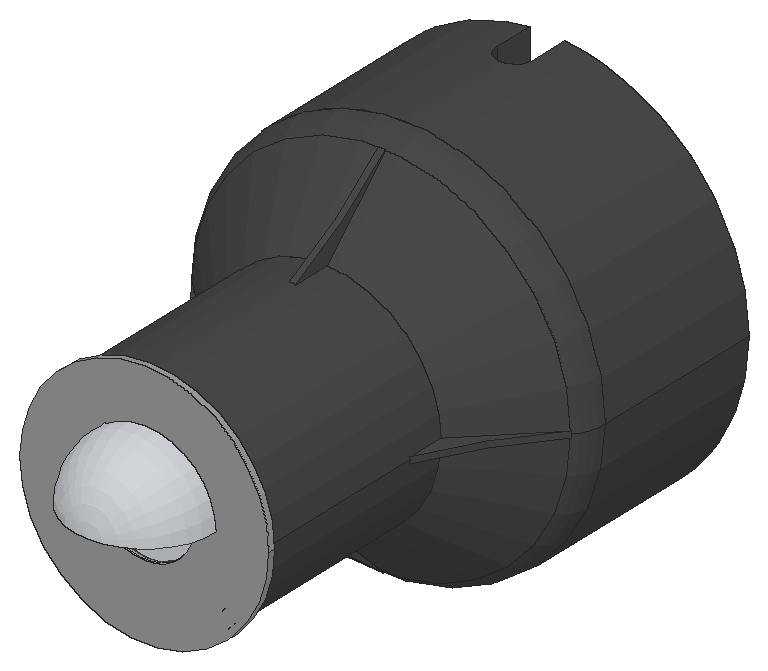
Revit family "CIRCLE STAIR LIGHT_CM1W.1", category Luminarias, Revit 2019
Family settings
  Cota de conector redondo = Diámetro de uso
  Tipo de pieza = Normal
  Se basa en plano de trabajo = Sí
  Siempre vertical = No
  Corte con vacíos al cargar = No
  Origen de luz = Sí
  Compartido = No
  Punto de cálculo de habitación = No
Parameters (values of type "CIRCLE STAIR LIGHT_CM1W.1")
  Ángulo de inclinación = 60.00°
  Zone [instance] = ""
  Watt per fixture = 1.3
  Wattage = 1.3 W
  built-in parameter 1150107 = 3000 (stored number, unit not read)
  built-in parameter 1150110 = 1 (stored number, unit not read)
  built-in parameter 1150109 = 1 (stored number, unit not read)
  built-in parameter 1150112 = 1 (stored number, unit not read)
  built-in parameter 1150113 = 1 (stored number, unit not read)
  built-in parameter 1114218 = 1 (stored number, unit not read)
  Keynote = ""
  built-in parameter 1150137 = (empty or 0)
  built-in parameter 1150132 = (empty or 0)
  Modelo = "CM1W.1"
  Lámpara = "OSRAM"
  Longitud [instance] = 1000 mm
  built-in parameter 1150105 = 1.83 (stored number, unit not read)
  built-in parameter 1150102 = (empty or 0)
  Elevación por defecto = 5.578 mm
  Lumens = 22.997 lm
  Color Filter = 16777215
  built-in parameter 1114217 = 1 (stored number, unit not read)
  built-in parameter 1150139 = (empty or 0)
  Fabricante = "BRILLANT"
  Default Elevation = 0 mm
  built-in parameter 1150104 = 1.6435 (stored number, unit not read)
  Descripción = "LUMINARIA TIPO CIRCULAR PARA EMPOTRAR EN MURO CON CUERPO DE ALUMINIO FUNDIDO A PRESION CUBIERTO CON POLVO GRIS OSCURO, IP 67 USO PARA INTERIORES O EXTERIORES CON CUERPO DE 0.2KG, CUENTA CON 1 LED OSRAM CON UNA POTENCIA TOTAL DE 1.3W, A UNA TEMPERATURA EN BLANCO CALIDO 3000K CON 23 LUMENES, EFICIENCIA DE 17.69LM/W, IRC 80, IK10, APERTURA A 20 GRADOS POR PROYECTO, 54mA EN CORRIENTE DE OPERACIÓN, ALIMENTADA A 24V. REQUIERE ACCESORIOS."
  built-in parameter 1150115 = 1 (stored number, unit not read)
  built-in parameter 1150114 = 1 (stored number, unit not read)
  Comentarios de vataje = "24V"
  built-in parameter 1150138 = (empty or 0)
  built-in parameter 1150134 = (empty or 0)
  Circuit [instance] = ""
  Dimming Lamp Color Temperature Shift = (empty or 0)
  Archivo de red fotométrica = "CM1W.1_3000K _20°.IES"
  built-in parameter 1150133 = 10 (stored number, unit not read)
Reference planes
  plane 1 "Centro (Frontal/Posterior)": y = 0
  plane 2: z = 0
  plane 3 "Centro (Izquierda/Derecha)": x = 0
  plane 4: z = 21
Forms (mm)
  Extrusion 1, solid, material "Aluminio"
    sketch origin (0, 0, 0) x (1, 0, 0) y (0, 0, 1)
      loop
        circle (0, 21) r 21
      loop
        circle (0, 21) r 8.587
    from -1.076 to 0
  Revolve 2, solid
    sketch origin (0, 0, 21) x (-1, 0, 0) y (0, -1, 0)
      loop
        arc (0, 11.2) -> (7.92, 7.92) -> (11.2, 0) r 11.2
        line (11.2, 0) -> (12, 0)
        arc (12, 0) -> (8.485, 8.485) -> (0, 12) r 12
        line (0, 12) -> (0, 11.2)
      axis (0, 12) -> (0, 0)
    angle from 0 to 360
  Extrusion 3, void
    sketch origin (0, 0, 0) x (0, 1, 0) y (0, 0, 1)
      loop
        line (-13.088, 21) -> (-13.088, 5.477) -> (0, 5.477) -> (0, 21) -> (-13.088, 21)
    from -18.314 to 15
  Extrusion 4, solid, material "Glass"
    sketch origin (0, 0, 0) x (1, 0, 0) y (0, 0, 1)
      loop
        circle (0, 21) r 8.587
    from -0.787 to -0.335
  Revolve 5, solid
    sketch origin (0, 0, 21) x (0, -1, 0) y (1, 0, 0)
      loop
        line (-1.044, 0) -> (-1.044, 17.5) -> (-5.116, 17.5)
        arc (-5.116, 17.5) -> (-6.269, 16.347) -> (-7.421, 17.5) r 1.153
        line (-7.421, 17.5) -> (-10.679, 17.5)
        arc (-10.679, 17.5) -> (-11.832, 16.347) -> (-12.985, 17.5) r 1.153
        line (-12.985, 17.5) -> (-18.513, 17.5)
        arc (-18.513, 17.5) -> (-19.666, 16.347) -> (-20.818, 17.5) r 1.153
        line (-20.818, 17.5) -> (-24.371, 17.5)
        arc (-24.371, 17.5) -> (-25.524, 16.347) -> (-26.676, 17.5) r 1.153
        line (-26.676, 17.5) -> (-31.489, 17.5)
        arc (-31.489, 17.5) -> (-32.642, 16.347) -> (-33.795, 17.5) r 1.153
        line (-33.795, 17.5) -> (-38.311, 17.5)
        arc (-38.311, 17.5) -> (-39.464, 16.347) -> (-40.617, 17.5) r 1.153
        line (-40.617, 17.5) -> (-42.837, 17.5) -> (-42.837, 6.042) -> (-44.076, 6.042) -> (-44.076, 0) -> (-1.044, 0)
      axis (-44.076, 0) -> (-1.044, 0)
    angle from 0 to 360
  Extrusion 6, solid, material "Acero Inoxidable"
    sketch origin (0, 0, 0) x (1, 0, 0) y (0, 1, 0)
      loop
        line (-17.5, 1.044) -> (-17.5, 42.837) -> (-9.072, 42.837) -> (-9.072, 43.637) -> (-18.3, 43.637) -> (-18.3, 1.044) -> (-17.5, 1.044)
      loop
        line (17.5, 1.044) -> (18.3, 1.044) -> (18.3, 43.637) -> (9.072, 43.637) -> (9.072, 42.837) -> (17.5, 42.837) -> (17.5, 1.044)
    from 16.356 to 25.548
  Revolve 7, solid, material "Plastico"
    sketch origin (0, 0, 21) x (0, -1, 0) y (1, 0, 0)
      loop
        line (-85.044, 34) -> (-85.044, 0) -> (-68.473, 0) -> (-68.473, 32.5) -> (-54.883, 32.5)
        arc (-54.883, 32.5) -> (-52.82, 32.108) -> (-51.032, 31.008) r 5.81
        line (-51.032, 31.008) -> (-38.381, 18.358) -> (-1.076, 18.358) -> (-1.076, 19.858) -> (-37.76, 19.858) -> (-49.997, 32.095)
        arc (-49.997, 32.095) -> (-52.261, 33.5) -> (-54.878, 34) r 7.31
        line (-54.878, 34) -> (-85.044, 34)
      axis (-85.044, 0) -> (-1.076, 0)
    angle from 0 to 360
  Extrusion 8, solid, material "Plastico"
    sketch origin (0, 0, 0) x (1, 0, 0) y (0, 1, 0)
      loop
        line (32.095, 49.997) -> (19.858, 37.76) -> (19.858, 31.164)
        arc (19.858, 31.164) -> (25.191, 41.091) -> (32.095, 49.997) r 67.806
      loop
        arc (-32.095, 49.997) -> (-25.191, 41.091) -> (-19.858, 31.164) r 67.806
        line (-19.858, 31.164) -> (-19.858, 37.76) -> (-32.095, 49.997)
    from 20.396 to 21.512
  Extrusion 9, solid, material "Plastico"
    sketch origin (20.953, 0, 20.831) x (0.005862, 0, 0.999983) y (0, 1, 0)
      loop
        line (32.095, 49.997) -> (19.858, 37.76) -> (19.858, 31.164)
        arc (19.858, 31.164) -> (25.191, 41.091) -> (32.095, 49.997) r 67.806
      loop
        arc (-32.095, 49.997) -> (-25.191, 41.091) -> (-19.858, 31.164) r 67.806
        line (-19.858, 31.164) -> (-19.858, 37.76) -> (-32.095, 49.997)
    from 20.396 to 21.512
  Extrusion 10, void
    sketch origin (0, 0, 0) x (1, 0, 0) y (0, 1, 0)
      loop
        arc (-3, 78.247) -> (0, 75.247) -> (3, 78.247) r 3
        line (3, 78.247) -> (3, 85.044) -> (-3, 85.044) -> (-3, 78.247)
    from -17.863 to 58.028
Cuts and joins
  Extrusion 3 cuts Extrusion 1
  Extrusion 3 cuts Revolve 2
  Extrusion 10 cuts Revolve 7
Dimensions and locks
  aligned and locked: level to plane 2
Connectors
  electrical at (13.333, 85.044, 32.289)
    settings: on cut or joined group of Revolve 7, Extrusion 10, index 1, voltage 24 V, apparent load 0 VA, apparent load phase1 0 VA, apparent load phase2 0 VA, apparent load phase3 0 VA, power factor 1, load classification "Otro", number of poles 1, system type 31, power factor state 1, is connector primary yes, connector utility no, sub classification motor no, connector description ""
